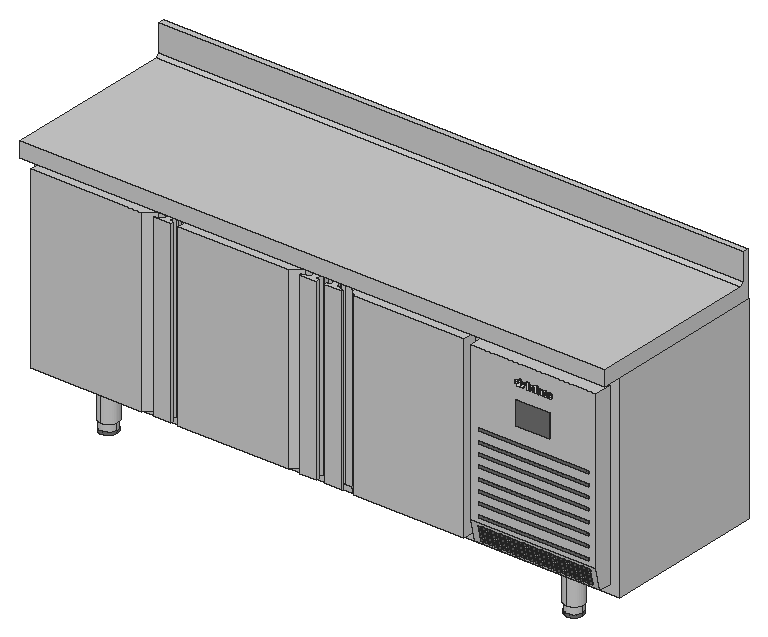
Revit family "QF_INFRICO_BMPP2000BT_250812084553", category Specialty Equipment, Revit 2021 (continued)
Definition of nested family "QF_INFRICO_LEGS_8022"
  Types (29, lengths in mm): name | Model | Length | Height | Depth | CentralLegs
    LEGS_1470_700 | "LEGS_1470_700" | 1468 | 140 | 700 | no
    LEGS_2450_700 | "LEGS_2450_700" | 2452 | 140 | 700 | yes
    LEGS_1470_600 | "LEGS_1470_600" | 1468 | 140 | 600 | no
    LEGS_1960_600 | "LEGS_1960_600" | 1960 | 140 | 600 | no
    LEGS_2450_600 | "LEGS_2450_600" | 2452 | 140 | 600 | yes
    LEGS_1610_800 | "LEGS_1610_800" | 1618 | 140 | 800 | no
    LEGS_2190_800 | "LEGS_2190_800" | 2185 | 140 | 800 | no
    LEGS_2750_800 | "LEGS_2750_800" | 2752 | 140 | 800 | yes
    LEGS_1160_700 | "LEGS_1160_700" | 1160 | 140 | 700 | no
    LEGS_1650_700 | "LEGS_1650_700" | 1652 | 140 | 700 | no
    LEGS_2140_700 | "LEGS_2140_700" | 2144 | 140 | 700 | yes
    LEGS_1960_640 | "LEGS_1960_640" | 1960 | 140 | 638 | no
    LEGS_1470_640 | "LEGS_1470_640" | 1468 | 140 | 638 | no
    LEGS_1160_600 | "LEGS_1160_600" | 1160 | 140 | 600 | no
    LEGS_1650_600 | "LEGS_1650_600" | 1652 | 140 | 600 | no
    LEGS_1310_800 | "LEGS_1310_800" | 1310 | 140 | 800 | no
    LEGS_1890_800 | "LEGS_1890_800" | 1877 | 140 | 800 | no
    LEGS_2440_800 | "LEGS_2440_800" | 2444 | 140 | 800 | yes
    LEGS_1610_740 | "LEGS_1610_740" | 1618 | 140 | 738 | no
    LEGS_2190_740 | "LEGS_2190_740" | 2185 | 140 | 738 | no
    LEGS_2140_600 | "LEGS_2140_600" | 2144 | 140 | 600 | yes
    LEGS_980_800 | "LEGS_980_800" | 980 | 150 | 800 | no
    LEGS_1470_800 | "LEGS_1470_800" | 1468 | 150 | 800 | no
    LEGS_1740_800 | "LEGS_1740_800" | 1738 | 140 | 800 | no
    LEGS_2300_800 | "LEGS_2300_800" | 2305 | 140 | 800 | yes
    LEGS_1690_800 | "LEGS_1690_800" | 1693 | 140 | 800 | no
    LEGS_2260_800 | "LEGS_2260_800" | 2260 | 140 | 800 | yes
    LEGS_1460_700 | "LEGS_1460_700" | 1460 | 140 | 700 | no
  Reference planes
    plane 1 "Back": y = 0
    plane 2: z = 0
    plane 3 "Left": x = 0
    plane 4 "Right": x = 2185
    plane 5 "Front": y = -738
    plane 6 "Top": z = 140
    plane 7 "Central": x = 1092.5
  Forms (mm)
    Extrusion 1, solid
      sketch origin (0, 0, 140) x (0, 1, 0) y (-1, 0, 0)
        loop
          line (-568, -154.986) -> (-668, -154.986) -> (-668, -244.986) -> (-568, -244.986) -> (-568, -154.986)
      from 0 to -3
    Extrusion 2, solid
      sketch origin (0, 0, 0) x (1, 0, 0) y (0, 1, 0)
        loop
          circle (199.986, -618) r 28
      from 9 to 35
    Extrusion 3, solid
      sketch origin (0, 0, 0) x (1, 0, 0) y (0, 1, 0)
        loop
          circle (199.986, -618) r 28.5
      from 0 to 9
    Sweep 4, solid
      path origin (0, 0, 0) x (0, 1, 0) y (0, 0, 1)
        loop
          line (-618, 35) -> (-618, 137)
      profile origin (0, -618, 86) x (0, -1, 0) y (1, 0, 0)
        loop
          circle (0, 199.986) r 32
    Extrusion 5, solid
      sketch origin (0, 500, 140) x (0, 1, 0) y (-1, 0, 0)
        loop
          line (-530, -154.986) -> (-630, -154.986) -> (-630, -244.986) -> (-530, -244.986) -> (-530, -154.986)
      from 0 to -3
    Extrusion 6, solid
      sketch origin (0, 500, 0) x (1, 0, 0) y (0, 1, 0)
        loop
          circle (199.986, -580) r 28
      from 9 to 35
    Extrusion 7, solid
      sketch origin (0, 500, 0) x (1, 0, 0) y (0, 1, 0)
        loop
          circle (199.986, -580) r 28.5
      from 0 to 9
    Sweep 8, solid
      path origin (0, 500, 0) x (0, 1, 0) y (0, 0, 1)
        loop
          line (-580, 35) -> (-580, 137)
      profile origin (0, -80, 86) x (0, -1, 0) y (1, 0, 0)
        loop
          circle (0, 199.986) r 32
    Extrusion 9, solid
      sketch origin (1560, 0, 140) x (0, 1, 0) y (-1, 0, 0)
        loop
          line (-568, -379.986) -> (-668, -379.986) -> (-668, -469.986) -> (-568, -469.986) -> (-568, -379.986)
      from 0 to -3
    Extrusion 10, solid
      sketch origin (1560, 0, 0) x (1, 0, 0) y (0, 1, 0)
        loop
          circle (424.986, -618) r 28
      from 9 to 35
    Extrusion 11, solid
      sketch origin (1560, 0, 0) x (1, 0, 0) y (0, 1, 0)
        loop
          circle (424.986, -618) r 28.5
      from 0 to 9
    Sweep 12, solid
      path origin (2185, 0, 0) x (0, -1, 0) y (0, 0, 1)
        loop
          line (618, 35) -> (618, 137)
      profile origin (2185, -618, 86) x (0, 1, 0) y (-1, 0, 0)
        loop
          circle (0, 199.986) r 32
    Extrusion 13, solid
      sketch origin (1560, 500, 140) x (0, 1, 0) y (-1, 0, 0)
        loop
          line (-530, -379.986) -> (-630, -379.986) -> (-630, -469.986) -> (-530, -469.986) -> (-530, -379.986)
      from 0 to -3
    Extrusion 14, solid
      sketch origin (1560, 500, 0) x (1, 0, 0) y (0, 1, 0)
        loop
          circle (424.986, -580) r 28
      from 9 to 35
    Extrusion 15, solid
      sketch origin (1560, 500, 0) x (1, 0, 0) y (0, 1, 0)
        loop
          circle (424.986, -580) r 28.5
      from 0 to 9
    Sweep 16, solid
      path origin (2185, 0, 0) x (0, -1, 0) y (0, 0, 1)
        loop
          line (80, 35) -> (80, 137)
      profile origin (2185, -80, 86) x (0, 1, 0) y (-1, 0, 0)
        loop
          circle (0, 199.986) r 32
    Extrusion 17, solid, visible <- "CentralLegs"
      sketch origin (534.014, 0, 140) x (0, 1, 0) y (-1, 0, 0)
        loop
          line (-568, -513.486) -> (-668, -513.486) -> (-668, -603.486) -> (-568, -603.486) -> (-568, -513.486)
      from 0 to -3
    Extrusion 18, solid, visible <- "CentralLegs"
      sketch origin (534.014, 0, 0) x (1, 0, 0) y (0, 1, 0)
        loop
          circle (558.486, -618) r 28
      from 9 to 35
    Extrusion 19, solid, visible <- "CentralLegs"
      sketch origin (534.014, 0, 0) x (1, 0, 0) y (0, 1, 0)
        loop
          circle (558.486, -618) r 28.5
      from 0 to 9
    Sweep 20, solid, visible <- "CentralLegs"
      path origin (1092.5, 0, 0) x (0, -1, 0) y (0, 0, 1)
        loop
          line (618, 35) -> (618, 137)
      profile origin (1092.5, -618, 86) x (0, 1, 0) y (-1, 0, 0)
        loop
          circle (0, -0.014) r 32
    Extrusion 21, solid, visible <- "CentralLegs"
      sketch origin (534.014, 500, 140) x (0, 1, 0) y (-1, 0, 0)
        loop
          line (-530, -513.486) -> (-630, -513.486) -> (-630, -603.486) -> (-530, -603.486) -> (-530, -513.486)
      from 0 to -3
    Extrusion 22, solid, visible <- "CentralLegs"
      sketch origin (534.014, 500, 0) x (1, 0, 0) y (0, 1, 0)
        loop
          circle (558.486, -580) r 28
      from 9 to 35
    Extrusion 23, solid, visible <- "CentralLegs"
      sketch origin (534.014, 500, 0) x (1, 0, 0) y (0, 1, 0)
        loop
          circle (558.486, -580) r 28.5
      from 0 to 9
    Sweep 24, solid, visible <- "CentralLegs"
      path origin (1092.5, 0, 0) x (0, -1, 0) y (0, 0, 1)
        loop
          line (80, 35) -> (80, 137)
      profile origin (1092.5, -80, 86) x (0, 1, 0) y (-1, 0, 0)
        loop
          circle (0, -0.014) r 32
  Dimensions and locks
    "Length": plane 3 "Left" to plane 4 "Right"
    "Depth": plane 1 "Back" to plane 5 "Front"
    "Height": plane 6 "Top" to plane 2
    equal spacing: plane 3 "Left", plane 7 "Central", plane 4 "Right"
    locked: Sweep 20 sketch curve to profile plane at 0.014
    locked: Sweep 24 sketch curve to profile plane at 0.014
    aligned and locked: level to plane 2
  Automatic sketch dimensions
    plane 5 "Front" to Extrusion 1 sketch curve = 70 mm
    Extrusion 1 sketch curve to Extrusion 1 sketch curve = 100 mm
    plane 3 "Left" to Extrusion 1 sketch curve = 244.986 mm
    Extrusion 1 sketch curve to Extrusion 1 sketch curve = 90 mm
    plane 3 "Left" to Extrusion 2 sketch curve = 199.986 mm
    plane 5 "Front" to Extrusion 2 sketch curve = 120 mm
    plane 3 "Left" to Extrusion 3 sketch curve = 199.986 mm
    plane 5 "Front" to Extrusion 3 sketch curve = 120 mm
    Sweep 4 sketch curve to plane 6 "Top" = 3 mm
    plane 5 "Front" to Sweep 4 sketch curve = 120 mm
    level to Sweep 4 sketch curve = 35 mm
    Sweep 4 sketch curve to profile plane = 0 mm
    plane 3 "Left" to Sweep 4 sketch curve = 199.986 mm
    plane 1 "Back" to Extrusion 5 sketch curve = 130 mm
    plane 1 "Back" to Extrusion 5 sketch curve = 30 mm
    plane 3 "Left" to Extrusion 5 sketch curve = 244.986 mm
    Extrusion 5 sketch curve to Extrusion 5 sketch curve = 90 mm
    plane 1 "Back" to Extrusion 6 sketch curve = 80 mm
    plane 3 "Left" to Extrusion 6 sketch curve = 199.986 mm
    plane 1 "Back" to Extrusion 7 sketch curve = 80 mm
    plane 3 "Left" to Extrusion 7 sketch curve = 199.986 mm
    Sweep 8 sketch curve to plane 6 "Top" = 3 mm
    plane 1 "Back" to Sweep 8 sketch curve = 80 mm
    level to Sweep 8 sketch curve = 35 mm
    Sweep 8 sketch curve to profile plane = 0 mm
    plane 3 "Left" to Sweep 8 sketch curve = 199.986 mm
    plane 5 "Front" to Extrusion 9 sketch curve = 70 mm
    Extrusion 9 sketch curve to Extrusion 9 sketch curve = 100 mm
    plane 4 "Right" to Extrusion 9 sketch curve = 155.014 mm
    Extrusion 9 sketch curve to Extrusion 9 sketch curve = 90 mm
    plane 4 "Right" to Extrusion 10 sketch curve = 200.014 mm
    plane 5 "Front" to Extrusion 10 sketch curve = 120 mm
    plane 4 "Right" to Extrusion 11 sketch curve = 200.014 mm
    plane 5 "Front" to Extrusion 11 sketch curve = 120 mm
    Sweep 12 sketch curve to profile plane = 0 mm
    profile plane to Sweep 12 sketch curve = 199.986 mm
    plane 1 "Back" to Extrusion 13 sketch curve = 130 mm
    plane 1 "Back" to Extrusion 13 sketch curve = 30 mm
    plane 4 "Right" to Extrusion 13 sketch curve = 155.014 mm
    Extrusion 13 sketch curve to Extrusion 13 sketch curve = 90 mm
    plane 1 "Back" to Extrusion 14 sketch curve = 80 mm
    plane 4 "Right" to Extrusion 14 sketch curve = 200.014 mm
    plane 1 "Back" to Extrusion 15 sketch curve = 80 mm
    plane 4 "Right" to Extrusion 15 sketch curve = 200.014 mm
    Sweep 16 sketch curve to profile plane = 0 mm
    profile plane to Sweep 16 sketch curve = 199.986 mm
    plane 5 "Front" to Extrusion 17 sketch curve = 70 mm
    Extrusion 17 sketch curve to plane 7 "Central" = 45 mm
    Extrusion 17 sketch curve to Extrusion 17 sketch curve = 100 mm
    plane 7 "Central" to Extrusion 17 sketch curve = 45 mm
    Extrusion 18 sketch curve to plane 7 "Central" = 0 mm
    plane 5 "Front" to Extrusion 18 sketch curve = 120 mm
    Extrusion 19 sketch curve to plane 7 "Central" = 0 mm
    plane 5 "Front" to Extrusion 19 sketch curve = 120 mm
    Sweep 20 sketch curve to profile plane = 0 mm
    plane 7 "Central" to Extrusion 21 sketch curve = 45 mm
    plane 1 "Back" to Extrusion 21 sketch curve = 130 mm
    plane 1 "Back" to Extrusion 21 sketch curve = 30 mm
    Extrusion 21 sketch curve to plane 7 "Central" = 45 mm
    Extrusion 22 sketch curve to plane 7 "Central" = 0 mm
    plane 1 "Back" to Extrusion 22 sketch curve = 80 mm
    Extrusion 23 sketch curve to plane 7 "Central" = 0 mm
    plane 1 "Back" to Extrusion 23 sketch curve = 80 mm
    Sweep 24 sketch curve to profile plane = 0 mm
    Sweep 16 sketch curve to plane 6 "Top" = 3 mm
    plane 1 "Back" to Sweep 16 sketch curve = 80 mm
    level to Sweep 16 sketch curve = 35 mm
    Sweep 12 sketch curve to plane 6 "Top" = 3 mm
    plane 5 "Front" to Sweep 12 sketch curve = 120 mm
    level to Sweep 12 sketch curve = 35 mm
    Sweep 20 sketch curve to plane 6 "Top" = 3 mm
    plane 5 "Front" to Sweep 20 sketch curve = 120 mm
    level to Sweep 20 sketch curve = 35 mm
    Sweep 24 sketch curve to plane 6 "Top" = 3 mm
    plane 1 "Back" to Sweep 24 sketch curve = 80 mm
    level to Sweep 24 sketch curve = 35 mm
    radius of Extrusion 2 sketch curve = 28 mm
    radius of Extrusion 3 sketch curve = 28.5 mm
    radius of Sweep 4 sketch curve = 32 mm
    radius of Extrusion 6 sketch curve = 28 mm
    radius of Extrusion 7 sketch curve = 28.5 mm
    radius of Sweep 8 sketch curve = 32 mm
    radius of Extrusion 10 sketch curve = 28 mm
    radius of Extrusion 11 sketch curve = 28.5 mm
    radius of Sweep 12 sketch curve = 32 mm
    radius of Extrusion 14 sketch curve = 28 mm
    radius of Extrusion 15 sketch curve = 28.5 mm
    radius of Sweep 16 sketch curve = 32 mm
    radius of Extrusion 18 sketch curve = 28 mm
    radius of Extrusion 19 sketch curve = 28.5 mm
    radius of Sweep 20 sketch curve = 32 mm
    radius of Extrusion 22 sketch curve = 28 mm
    radius of Extrusion 23 sketch curve = 28.5 mm
    radius of Sweep 24 sketch curve = 32 mm
Definition of nested family "CONN_POINT_DRAIN_2D___Generic_Annotation"
  Parameters (values of type "CONN_POINT_DRAIN_2D___Generic_Annotation")
    Onboard connection annotation symbol visibility [instance] = yes
  Reference planes
    plane 1: y = 0
    plane 2: x = 0
  Lines and regions (mm)
    detail lines, visible <- "Onboard connection annotation symbol visibility"
      curve 1: circle (0, 0, 0) r 0.5 normal (0, 0, 1)
      curve 2: line (-1, 0, 0) -> (1, 0, 0)
      curve 3: line (0, 1, 0) -> (0, -1, 0)
      curve 4: line (1.776, 1, 0) -> (1.25, 1, 0)
      curve 5: line (1.25, 1, 0) -> (1.25, -1, 0)
      curve 6: line (1.25, -1, 0) -> (1.776, -1, 0)
      curve 7: arc (2.206, -0.862, 0) -> (2.459, -0.589, 0) -> (2.583, -0.238, 0) r 0.918
      curve 8: arc (2.583, 0.238, 0) -> (2.459, 0.589, 0) -> (2.206, 0.862, 0) r 0.918
      curve 9: arc (2.583, -0.238, 0) -> (2.599, 0, 0) -> (2.583, 0.238, 0) r 1.77
      curve 10: arc (2.206, 0.862, 0) -> (2.002, 0.965, 0) -> (1.776, 1, 0) r 0.741
      curve 11: arc (1.776, -1, 0) -> (2.002, -0.965, 0) -> (2.206, -0.862, 0) r 0.741
Definition of nested family "CONN_POINT_ELE_2D___Generic_Annotation"
  Parameters (values of type "CONN_POINT_ELE_2D___Generic_Annotation")
    Onboard connection annotation symbol visibility [instance] = yes
  Reference planes
    plane 1: y = 0
    plane 2: x = 0
  Lines and regions (mm)
    detail lines, visible <- "Onboard connection annotation symbol visibility"
      curve 1: circle (0, 0, 0) r 0.5 normal (0, 0, 1)
      curve 2: line (-1, 0, 0) -> (1, 0, 0)
      curve 3: line (0, 1, 0) -> (0, -1, 0)
      curve 4: line (2.5, 1, 0) -> (1.25, 1, 0)
      curve 5: line (1.25, 1, 0) -> (1.25, -1, 0)
      curve 6: line (1.25, -1, 0) -> (2.5, -1, 0)
      curve 7: line (1.25, 0, 0) -> (2, 0, 0)
